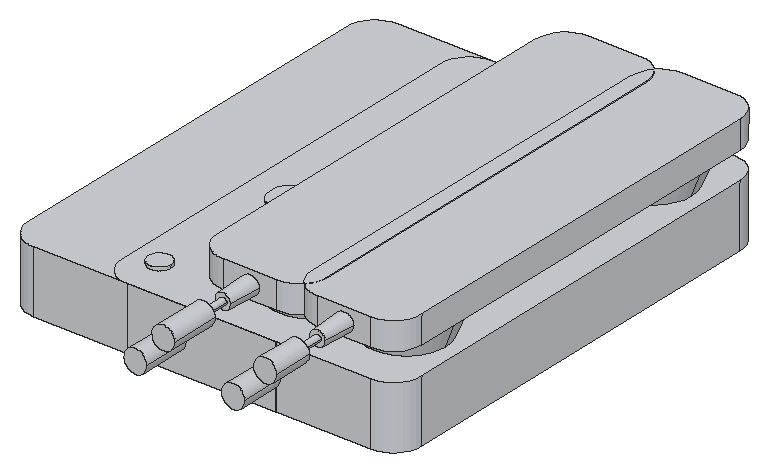
Revit family "Electronics -Communication_Urmet_1183-7", category Apparecchi elettrici, host Superficie, Revit 2017
Family settings
  Host = Superficie
  Mantenere orientamento annotazione = No
  Quota connettore circolare = Usa diametro
  Tipo di parte = Normale
  Taglio con vuoti quando caricato = No
  Condiviso = No
  Punto di calcolo locali = No
Parameters
  Youtube clip = ""
  Wiring = "2 wires"
  Weight net = 0.178 kg
  Voltage = "Low voltage (<50Vdc)"
  Video luminosity regulation = no
  Video contrast regulation = no
  Video color regulation = no
  Uniformat II Description = "Communications & Security"
  Uniformat II Code = "D5030"
  Uniclass 2015 Name = "Intercom remote handsets"
  Uniclass 2015 Code = "Pr_75_75_27_43"
  Uniclass 2.0 Description = "Intercom Remote Handsets"
  Uniclass 2.0 Code = "PR-16-02-43"
  Uniclass 1.4 Description = "Intercom systems"
  Uniclass 1.4 Code = "L7632"
  URL = "https://www.urmet.com"
  UNSPSC Code = "43221525"
  UE Conformity Declaration: = "http://qrcode.urmet.com/default.aspx?prodUrmet=131848&lingua=en"
  Type image = "http://qrcode.urmet.com/default.aspx?prodUrmet=131848&lingua=en"
  Touch Display = no
  Terminal block labels = "GT  Y1  X1  S-  S+ 2xCP  2xLINE"
  Temperature range (°C) = "-5/45"
  Technical description = "http://qrcode.urmet.com/default.aspx?prodUrmet=131848&lingua=en"
  System technology = "2 wires"
  System name = "2Voice\r\n2Voice\r\n2Voice\r\n2Voice"
  Switchboard call = yes
  Sustainability Performance = "RAEE/WEEE compliant"
  Selectable ringtone for external calls and floor call = yes
  Ringing volume regulation = yes
  Ringing off (mute) function = yes
  Remote relay activations = "1"
  Region South America = "All"
  Region Oceania = "All"
  Region North America = "All"
  Region Middle East = "All"
  Region Europe = "All"
  Region Asia = "All"
  Region Antarctica = "All"
  Region Africa = "All"
  QR code = ""
  Product url = "http://qrcode.urmet.com/default.aspx?prodUrmet=131848&lingua=en"
  Product group = ""
  Product family = ""
  Product data url = ""
  Product certification = "http://qrcode.urmet.com/default.aspx?prodUrmet=131848&lingua=en"
  Product SKU = "1183-7"
  Product Guide: = "http://qrcode.urmet.com/default.aspx?prodUrmet=131848&lingua=en"
  Predisposition for external optional ringer = yes
  Power consumption: = "http://qrcode.urmet.com/default.aspx?arg=manuali&sezione=2voice&lingua=en"
  Pedestrian door opening = yes
  Outgoing intercom calls = "1/2"
  OmniClass Description = "Door Entry Telephones"
  OmniClass Code = "23-37 23 17 13"
  Number of mechanical Pushbuttons = "6"
  Number of Touch buttons = "0"
  Nominal width = 110 mm
  Nominal height = 80 mm
  NBS Reference Description = "Intercom Remote Handsets"
  NBS Reference Code = "16-02-43"
  N. od terminal blocks = "9"
  Modello = "Miro"
  Material main = "Plastic"
  Masterformat 2014 Description = "Residential Intercommunications and Program Systems"
  Masterformat 2014 Code = "27 51 23.30"
  Manufacturer country = "China"
  Produttore = "Urmet S.p.A.\r\nUrmet S.p.A."
  Main led signalizations = "2"
  Keynote = ""
  Installation on 503 flush and 60 mm diameter round boxes = no
  Installation instructions = "http://qrcode.urmet.com/default.aspx?prodUrmet=131848&lingua=en"
  Installation = "Surface mounting or flush mounting (only with 503 box)"
  Incoming floor call = yes
  IP Grade = "30"
  IK Grade = "-"
  IFC Classification = "Electrical Element"
  Humidity range (%) = "95%"
  Home automation Yokis buttons = "0"
  Handset /Hands free = "Hands free"
  Gate door opening = yes
  GTIN code = ""
  Finishing = "Gloss"
  Edition number = 3
  EAN Product Code = "8021156057399"
  Display resolution (pixel) = "-"
  Display Format = "-"
  Display Dimensions = "-"
  Dimensions (LxHxP) = "110 x 80 x 18 mm"
  Design country = "Italy"
  Descrizione = "HAND-FREE 2VOICE DOORPHONE"
  Default Elevation = 1219.2 mm
  Date of publishing = "2021-01-21"
  Data-sheet: = "http://qrcode.urmet.com/default.aspx?prodUrmet=131848&lingua=en"
  Combined Nomenclature Code = "8517692000"
  Color = "White RAL9003"
  Call forwarding = "Yes, with optional device"
  COBIe Type Category = ""
  Brand url = "https://www.urmet.com/en-us/"
  Auxiliary antenna for Hearing impaired people = no
  Automatic door opening function = yes
  Auto-insertion function and scrolling of CCTV cameras = no
  Audio or Audio/Video system = "Audio"
  Codice assieme = "1183/7"
  Additional led signalizations = "1"
Reference planes
  plane 1 "Center (Front/Back)": y = 0
  plane 2: z = 0
  plane 3 "Center (Left/Right)": x = 0
Forms (mm)
  Extrusion 1, solid, not visible
    sketch origin (140.555, -1171.075, 27.5) x (0, 1, 0) y (-1, 0, 0)
      loop
        line (1178.319, 161.344) -> (1158.319, 161.344) -> (1158.319, 146.344) -> (1178.319, 146.344) -> (1178.319, 161.344)
      loop
        line (1178.319, 134.375) -> (1158.319, 134.375) -> (1158.319, 118.017) -> (1178.319, 118.017) -> (1178.319, 134.375)
    from -17.093 to -27.5
  Extrusion 2, solid, not visible, detail levels fine
    sketch origin (125, -1171.075, 27.5) x (0, 1, 0) y (-1, 0, 0)
      loop
        line (1271.075, 51) -> (1271.075, 199)
        arc (1271.075, 199) -> (1267.414, 207.839) -> (1258.575, 211.5) r 12.5
        line (1258.575, 211.5) -> (1083.575, 211.5)
        arc (1083.575, 211.5) -> (1074.736, 207.839) -> (1071.075, 199) r 12.5
        line (1071.075, 199) -> (1071.075, 51)
        arc (1071.075, 51) -> (1074.736, 42.161) -> (1083.575, 38.5) r 12.5
        line (1083.575, 38.5) -> (1258.575, 38.5)
        arc (1258.575, 38.5) -> (1267.414, 42.161) -> (1271.075, 51) r 12.5
    from 0 to -27.5
  Sweep 3, void, not visible
    path origin (125, -1208.075, 27.5) x (1, 0, 0) y (0, 1, 0)
      loop
        circle (-109.73, 1168.075) r 5
    profile origin (15.27, -45, 27.5) x (0, -1, 0) y (0, 0, 1)
      loop
        line (0, 0) -> (0, -1)
        arc (0, -1) -> (0.856, -0.658) -> (1.5, 0) r 2.228
        line (1.5, 0) -> (0, 0)
  Revolve 4, void, not visible
    sketch origin (15.27, -1171.075, -75) x (0, 0, 1) y (0, 1, 0)
      loop
        line (100.7, 1168.075) -> (100.7, 1159.075)
        arc (100.7, 1159.075) -> (101.176, 1156.974) -> (102.5, 1155.275) r 4.946
        line (102.5, 1155.275) -> (102.5, 1168.075) -> (100.7, 1168.075)
      axis (102.5, 1168.075) -> (100.7, 1168.075)
    angle from 0 to 360
  Sweep 5, void, not visible
    path origin (125, -1225.575, 27.5) x (1, 0, 0) y (0, 1, 0)
      loop
        circle (-109.73, 1168.075) r 5
    profile origin (15.27, -62.5, 27.5) x (0, -1, 0) y (0, 0, 1)
      loop
        line (0, 0) -> (0, -1)
        arc (0, -1) -> (0.856, -0.658) -> (1.5, 0) r 2.228
        line (1.5, 0) -> (0, 0)
  Sweep 6, void, not visible
    path origin (125, -1243.075, 27.5) x (1, 0, 0) y (0, 1, 0)
      loop
        circle (-109.73, 1168.075) r 5
    profile origin (15.27, -80, 27.5) x (0, -1, 0) y (0, 0, 1)
      loop
        line (0, 0) -> (0, -1)
        arc (0, -1) -> (0.856, -0.658) -> (1.5, 0) r 2.228
        line (1.5, 0) -> (0, 0)
  Sweep 7, void, not visible
    path origin (125, -1171.075, 27.5) x (1, 0, 0) y (0, 1, 0)
      loop
        arc (-196.8, 1251.675) -> (-197.578, 1251.353) -> (-197.9, 1250.575) r 1.1
        line (-197.9, 1250.575) -> (-197.9, 1196.175)
        arc (-197.9, 1196.175) -> (-197.578, 1195.397) -> (-196.8, 1195.075) r 1.1
        line (-196.8, 1195.075) -> (-101.6, 1195.075)
        arc (-101.6, 1195.075) -> (-100.822, 1195.397) -> (-100.5, 1196.175) r 1.1
        line (-100.5, 1196.175) -> (-100.5, 1250.575)
        arc (-100.5, 1250.575) -> (-100.822, 1251.353) -> (-101.6, 1251.675) r 1.1
        line (-101.6, 1251.675) -> (-196.8, 1251.675)
    profile origin (-24.2, 80.6, 27.5) x (0, 1, 0) y (0, 0, 1)
      loop
        line (0, 0) -> (0, -1)
        arc (0, -1) -> (2.056, -0.725) -> (4, 0) r 9.264
        line (4, 0) -> (0, 0)
  Extrusion 8, void, not visible
    sketch origin (125, -1171.075, 27.5) x (1, 0, 0) y (0, 1, 0)
      loop
        line (-101.6, 1251.675) -> (-196.8, 1251.675)
        arc (-196.8, 1251.675) -> (-197.578, 1251.353) -> (-197.9, 1250.575) r 1.1
        line (-197.9, 1250.575) -> (-197.9, 1196.175)
        arc (-197.9, 1196.175) -> (-197.578, 1195.397) -> (-196.8, 1195.075) r 1.1
        line (-196.8, 1195.075) -> (-101.6, 1195.075)
        arc (-101.6, 1195.075) -> (-100.822, 1195.397) -> (-100.5, 1196.175) r 1.1
        line (-100.5, 1196.175) -> (-100.5, 1250.575)
        arc (-100.5, 1250.575) -> (-100.822, 1251.353) -> (-101.6, 1251.675) r 1.1
    from -3 to 3
  Sweep 9, void, not visible
    path origin (172.23, -1171.075, 27.5) x (1, 0, 0) y (0, 1, 0)
      loop
        circle (-109.73, 1168.075) r 10.6
    profile origin (62.5, -13.6, 27.5) x (0, -1, 0) y (0, 0, 1)
      loop
        arc (0, -1) -> (2.059, -0.736) -> (4, 0) r 8.84
        line (4, 0) -> (0, 0) -> (0, -1)
  Extrusion 10, solid, not visible, detail levels fine
    sketch origin (125, -1171.075, 40) x (1, 0, 0) y (0, 1, 0)
      loop
        arc (-74.15, 1271.075) -> (-82.989, 1267.414) -> (-86.65, 1258.575) r 12.5
        line (-86.65, 1258.575) -> (-86.65, 1083.575)
        arc (-86.65, 1083.575) -> (-82.989, 1074.736) -> (-74.15, 1071.075) r 12.5
        line (-74.15, 1071.075) -> (-50.85, 1071.075)
        arc (-50.85, 1071.075) -> (-42.011, 1074.736) -> (-38.35, 1083.575) r 12.5
        line (-38.35, 1083.575) -> (-38.35, 1258.575)
        arc (-38.35, 1258.575) -> (-42.011, 1267.414) -> (-50.85, 1271.075) r 12.5
        line (-50.85, 1271.075) -> (-74.15, 1271.075)
    from 0 to 12
  Blend 11, solid, not visible, detail levels fine
    base sketch origin (125, -100, -75.097) x (0, 0, -1) y (1, 0, 0)
      loop
        circle (-121, -62.5) r 3.3
    top sketch origin (125, -114.75, -75.097) x (0, 0, -1) y (1, 0, 0)
      loop
        circle (-121, -62.5) r 4
    from 14.75 to -14.75
  Blend 12, solid, not visible, detail levels fine
    base sketch origin (125, -1223.47, 40) x (0, 1, 0) y (-1, 0, 0)
      loop
        circle (1157.475, 62.5) r 17.534
    top sketch origin (125, -1223.47, 40) x (0, 1, 0) y (-1, 0, 0)
      loop
        circle (1157.475, 62.5) r 22.447
    from -12.5 to 0
  Blend 13, solid, not visible, detail levels fine
    base sketch origin (125, -1088.47, 40) x (0, 1, 0) y (-1, 0, 0)
      loop
        circle (1157.475, 62.5) r 17.534
    top sketch origin (125, -1088.47, 40) x (0, 1, 0) y (-1, 0, 0)
      loop
        circle (1157.475, 62.5) r 22.447
    from -12.5 to 0
  Extrusion 14, solid, not visible, detail levels medium
    sketch origin (425, -1171.075, 27.5) x (0, 1, 0) y (-1, 0, 0)
      loop
        line (1271.075, 51) -> (1271.075, 199)
        arc (1271.075, 199) -> (1267.414, 207.839) -> (1258.575, 211.5) r 12.5
        line (1258.575, 211.5) -> (1083.575, 211.5)
        arc (1083.575, 211.5) -> (1074.736, 207.839) -> (1071.075, 199) r 12.5
        line (1071.075, 199) -> (1071.075, 51)
        arc (1071.075, 51) -> (1074.736, 42.161) -> (1083.575, 38.5) r 12.5
        line (1083.575, 38.5) -> (1258.575, 38.5)
        arc (1258.575, 38.5) -> (1267.414, 42.161) -> (1271.075, 51) r 12.5
    from 0 to -27.5
  Extrusion 15, solid, not visible, detail levels medium
    sketch origin (425, -1171.075, 40) x (1, 0, 0) y (0, 1, 0)
      loop
        arc (-74.15, 1271.075) -> (-82.989, 1267.414) -> (-86.65, 1258.575) r 12.5
        line (-86.65, 1258.575) -> (-86.65, 1083.575)
        arc (-86.65, 1083.575) -> (-82.989, 1074.736) -> (-74.15, 1071.075) r 12.5
        line (-74.15, 1071.075) -> (-50.85, 1071.075)
        arc (-50.85, 1071.075) -> (-42.011, 1074.736) -> (-38.35, 1083.575) r 12.5
        line (-38.35, 1083.575) -> (-38.35, 1258.575)
        arc (-38.35, 1258.575) -> (-42.011, 1267.414) -> (-50.85, 1271.075) r 12.5
        line (-50.85, 1271.075) -> (-74.15, 1271.075)
    from 0 to 12
  Extrusion 16, void, not visible, detail levels medium
    sketch origin (425, -1171.075, 27.5) x (-1, 0, 0) y (0, 1, 0)
      loop
        line (197.9, 1251.675) -> (100.5, 1251.675) -> (100.5, 1195.075) -> (197.9, 1195.075) -> (197.9, 1251.675)
    from 0 to 3
  Extrusion 17, solid, not visible, detail levels medium
    sketch origin (125, -1171.075, 27.5) x (0, 1, 0) y (-1, 0, 0)
      loop
        circle (1105.08, -237.35) r 20
      loop
        circle (1240.08, -237.35) r 20
    from 0 to 12.5
  Extrusion 18, solid, not visible, detail levels coarse
    sketch origin (125, -1171.075, 27.5) x (0, 1, 0) y (-1, 0, 0)
      loop
        line (1271.075, -388.5) -> (1071.075, -388.5) -> (1071.075, -561.65) -> (1271.075, -561.65) -> (1271.075, -388.5)
    from -27.5 to 24.5
  Extrusion 19, solid, not visible, detail levels fine
    sketch origin (125, -1171.075, 27.5) x (0, 1, 0) y (-1, 0, 0)
      loop
        circle (1168.075, 109.73) r 8.6
    from -1.8 to 1.2
  Extrusion 20, solid, not visible, detail levels fine
    sketch origin (10, 0, 0) x (1, 0, 0) y (0, 0, 1)
      loop
        circle (27.785, 21.154) r 1.5
    from 100 to 110.794
  Extrusion 21, solid, not visible, detail levels fine
    sketch origin (10, 0, 0) x (1, 0, 0) y (0, 0, 1)
      loop
        circle (27.801, 21.17) r 5
    from 110.794 to 130.126
  Extrusion 22, solid, not visible, detail levels fine
    sketch origin (34.699, 0, 24.699) x (1, 0, 0) y (0, 0, 1)
      loop
        circle (27.785, 21.154) r 1.5
    from 114.75 to 125.552
  Extrusion 23, solid, not visible, detail levels fine
    sketch origin (34.699, 0, 24.699) x (1, 0, 0) y (0, 0, 1)
      loop
        circle (27.801, 21.17) r 5
    from 125.552 to 143.369
  Extrusion 24, solid, not visible, detail levels fine
    sketch origin (83.5, -1171.075, 27.5) x (0, 1, 0) y (-1, 0, 0)
      loop
        line (1271.075, 51) -> (1271.075, 116)
        arc (1271.075, 116) -> (1267.414, 124.839) -> (1258.575, 128.5) r 12.5
        line (1258.575, 128.5) -> (1083.575, 128.5)
        arc (1083.575, 128.5) -> (1074.736, 124.839) -> (1071.075, 116) r 12.5
        line (1071.075, 116) -> (1071.075, 51)
        arc (1071.075, 51) -> (1074.736, 42.161) -> (1083.575, 38.5) r 12.5
        line (1083.575, 38.5) -> (1258.575, 38.5)
        arc (1258.575, 38.5) -> (1267.414, 42.161) -> (1271.075, 51) r 12.5
    from 0 to -27.5
  Sweep 25, void, not visible
    path origin (76.53, -1215.075, 27.5) x (1, 0, 0) y (0, 1, 0)
      loop
        circle (-109.73, 1168.075) r 5
    profile origin (-33.2, -52, 27.5) x (0, -1, 0) y (0, 0, 1)
      loop
        line (0, 0) -> (0, -1)
        arc (0, -1) -> (0.856, -0.658) -> (1.5, 0) r 2.228
        line (1.5, 0) -> (0, 0)
  Revolve 26, void, not visible
    sketch origin (-25, -1188.075, -75) x (0, 0, 1) y (0, 1, 0)
      loop
        line (100.7, 1168.075) -> (100.7, 1159.075)
        arc (100.7, 1159.075) -> (101.176, 1156.974) -> (102.5, 1155.275) r 4.946
        line (102.5, 1155.275) -> (102.5, 1168.075) -> (100.7, 1168.075)
      axis (102.5, 1168.075) -> (100.7, 1168.075)
    angle from 0 to 360
  Sweep 27, void, not visible
    path origin (76.53, -1232.575, 27.5) x (1, 0, 0) y (0, 1, 0)
      loop
        circle (-109.73, 1168.075) r 5
    profile origin (-33.2, -69.5, 27.5) x (0, -1, 0) y (0, 0, 1)
      loop
        line (0, 0) -> (0, -1)
        arc (0, -1) -> (0.856, -0.658) -> (1.5, 0) r 2.228
        line (1.5, 0) -> (0, 0)
  Extrusion 28, solid, not visible, detail levels fine
    sketch origin (83.5, -1171.075, 40) x (1, 0, 0) y (0, 1, 0)
      loop
        arc (-74.15, 1271.075) -> (-82.989, 1267.414) -> (-86.65, 1258.575) r 12.5
        line (-86.65, 1258.575) -> (-86.65, 1083.575)
        arc (-86.65, 1083.575) -> (-82.989, 1074.736) -> (-74.15, 1071.075) r 12.5
        line (-74.15, 1071.075) -> (-50.85, 1071.075)
        arc (-50.85, 1071.075) -> (-42.011, 1074.736) -> (-38.35, 1083.575) r 12.5
        line (-38.35, 1083.575) -> (-38.35, 1258.575)
        arc (-38.35, 1258.575) -> (-42.011, 1267.414) -> (-50.85, 1271.075) r 12.5
        line (-50.85, 1271.075) -> (-74.15, 1271.075)
    from 0 to 12
  Blend 29, solid, not visible, detail levels fine
    base sketch origin (83.5, -100, -75.097) x (0, 0, -1) y (1, 0, 0)
      loop
        circle (-121, -62.5) r 3.3
    top sketch origin (83.5, -114.75, -75.097) x (0, 0, -1) y (1, 0, 0)
      loop
        circle (-121, -62.5) r 4
    from 14.75 to -14.75
  Blend 30, solid, not visible, detail levels fine
    base sketch origin (83.5, -1223.47, 40) x (0, 1, 0) y (-1, 0, 0)
      loop
        circle (1157.475, 62.5) r 17.534
    top sketch origin (42, -1223.47, 40) x (0, 1, 0) y (-1, 0, 0)
      loop
        circle (1157.475, 21) r 22.447
    from -12.5 to 0
  Blend 31, solid, not visible, detail levels fine
    base sketch origin (83.5, -1088.47, 40) x (0, 1, 0) y (-1, 0, 0)
      loop
        circle (1157.475, 62.5) r 17.534
    top sketch origin (42, -1088.47, 40) x (0, 1, 0) y (-1, 0, 0)
      loop
        circle (1157.475, 21) r 22.447
    from -12.5 to 0
  Revolve 32, void, not visible
    sketch origin (-33.2, -1250.075, -75) x (0, 0, 1) y (0, 1, 0)
      loop
        line (101.5, 1168.075) -> (101.5, 1163.075)
        arc (101.5, 1163.075) -> (101.84, 1162.218) -> (102.5, 1161.575) r 2.203
        line (102.5, 1161.575) -> (102.5, 1168.075) -> (101.5, 1168.075)
      axis (102.5, 1168.075) -> (101.5, 1168.075)
    angle from 0 to 360
  Revolve 33, void, not visible
    sketch origin (-20.96, -1259.575, -75) x (0, 0, 1) y (0, 1, 0)
      loop
        line (102.5, 1165.075) -> (102.5, 1168.075) -> (99.024, 1168.075) -> (99.024, 1166.638) -> (100.891, 1166.638)
        arc (100.891, 1166.638) -> (101.569, 1165.726) -> (102.5, 1165.075) r 3.557
      axis (102.5, 1168.075) -> (99.024, 1168.075)
    angle from 0 to 360
  Extrusion 34, solid, not visible, detail levels fine
    sketch origin (83.5, -1171.075, 27.5) x (0, 1, 0) y (-1, 0, 0)
      loop
        circle (1151.075, 108.5) r 9
    from -1.8 to 1.2
  Extrusion 35, solid, not visible, detail levels fine
    sketch origin (83.5, -1171.075, 27.5) x (0, 1, 0) y (-1, 0, 0)
      loop
        circle (1089.075, 116.7) r 5
    from -1 to 1.2
  Extrusion 36, solid, not visible, detail levels medium
    sketch origin (283.5, -1171.075, 40) x (1, 0, 0) y (0, 1, 0)
      loop
        arc (-74.15, 1271.075) -> (-82.989, 1267.414) -> (-86.65, 1258.575) r 12.5
        line (-86.65, 1258.575) -> (-86.65, 1083.575)
        arc (-86.65, 1083.575) -> (-82.989, 1074.736) -> (-74.15, 1071.075) r 12.5
        line (-74.15, 1071.075) -> (-50.85, 1071.075)
        arc (-50.85, 1071.075) -> (-42.011, 1074.736) -> (-38.35, 1083.575) r 12.5
        line (-38.35, 1083.575) -> (-38.35, 1258.575)
        arc (-38.35, 1258.575) -> (-42.011, 1267.414) -> (-50.85, 1271.075) r 12.5
        line (-50.85, 1271.075) -> (-74.15, 1271.075)
    from 0 to 12
  Blend 37, solid, not visible, detail levels medium
    base sketch origin (283.5, -1223.47, 40) x (0, 1, 0) y (-1, 0, 0)
      loop
        circle (1157.475, 62.5) r 17.534
    top sketch origin (442, -1223.47, 40) x (0, 1, 0) y (-1, 0, 0)
      loop
        circle (1157.475, 21) r 22.447
    from -12.5 to 0
  Blend 38, solid, not visible, detail levels medium
    base sketch origin (283.5, -1088.47, 40) x (0, 1, 0) y (-1, 0, 0)
      loop
        circle (1157.475, 62.5) r 17.534
    top sketch origin (442, -1088.47, 40) x (0, 1, 0) y (-1, 0, 0)
      loop
        circle (1157.475, 21) r 22.447
    from -12.5 to 0
  Extrusion 39, solid, not visible, detail levels medium
    sketch origin (283.5, -1171.075, 27.5) x (0, 1, 0) y (-1, 0, 0)
      loop
        line (1258.575, 128.5) -> (1083.575, 128.5)
        arc (1083.575, 128.5) -> (1074.736, 124.839) -> (1071.075, 116) r 12.5
        line (1071.075, 116) -> (1071.075, 50.85)
        arc (1071.075, 50.85) -> (1074.736, 42.011) -> (1083.575, 38.35) r 12.5
        line (1083.575, 38.35) -> (1258.575, 38.35)
        arc (1258.575, 38.35) -> (1267.414, 42.011) -> (1271.075, 50.85) r 12.5
        line (1271.075, 50.85) -> (1271.075, 116)
        arc (1271.075, 116) -> (1267.414, 124.839) -> (1258.575, 128.5) r 12.5
    from -27.5 to 0
  Extrusion 40, solid, not visible, detail levels fine
    sketch origin (0, 0, 0) x (1, 0, 0) y (0, 0, 1)
      loop
        circle (-3.699, 21.17) r 5
    from 110.794 to 131.954
  Extrusion 41, solid, not visible, detail levels fine
    sketch origin (0, 0, 0) x (1, 0, 0) y (0, 0, 1)
      loop
        circle (-3.715, 21.154) r 1.5
    from 100 to 110.794
  Extrusion 42, solid, not visible, detail levels fine
    sketch origin (24.699, 0, 24.699) x (1, 0, 0) y (0, 0, 1)
      loop
        circle (-3.699, 21.17) r 5
    from 125.552 to 147.525
  Extrusion 43, solid, not visible, detail levels fine
    sketch origin (24.699, 0, 24.699) x (1, 0, 0) y (0, 0, 1)
      loop
        circle (-3.715, 21.154) r 1.5
    from 114.75 to 125.552
Lines and regions (mm)
  Masking region 1
    outline origin (-41.493, 0, 0) x (1, 0, 0) y (0, 0, 1)
      loop
        line (44.958, 27.5) -> (-3.507, 27.5) -> (-3.507, 0) -> (86.5, 0) -> (86.5, 27.5) -> (80.034, 27.5) -> (84.947, 40) -> (86.65, 40) -> (86.65, 52) -> (38.35, 52) -> (38.35, 40) -> (40.053, 40) -> (44.958, 27.5)
  symbolic lines
    curve 1: line (38.542, 0, 27.5) -> (3.466, 0, 27.5)
Dimensions and locks
  aligned and locked: plane 2 to host face
  aligned and locked: level to host face
Connectors
  electrical at (14.359, -2.756, 0)
    settings: on Extrusion 1, index 1, voltage 0 V, apparent load 0 VA, apparent load phase1 0 VA, apparent load phase2 0 VA, apparent load phase3 0 VA, power factor 1, load classification "Other", number of poles 1, system type 5, power factor state 1, is connector primary yes, connector utility no, sub classification motor no, connector description "Data Connector"
  electrical at (-13.289, -2.756, 0)
    settings: on Extrusion 1, index 2, voltage 230 V, apparent load 0 VA, apparent load phase1 0 VA, apparent load phase2 0 VA, apparent load phase3 0 VA, power factor 1, load classification "Altro", number of poles 1, system type 31, power factor state 1, is connector primary no, connector utility no, sub classification motor no, connector description ""
